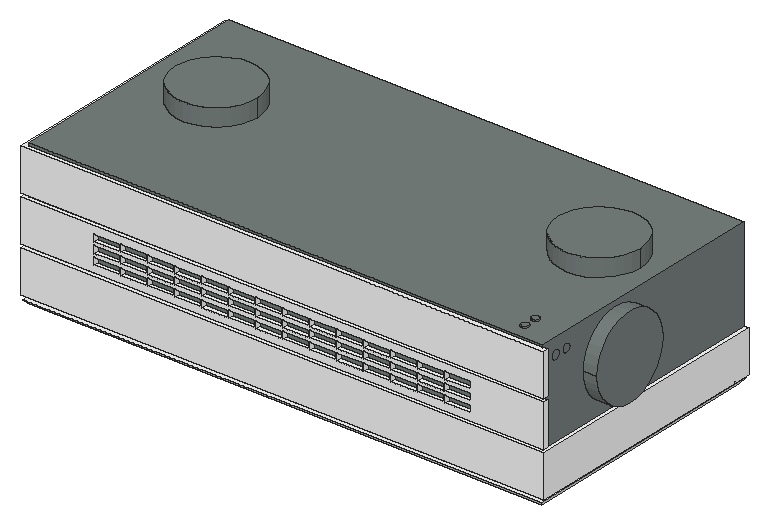
Revit family "AM 500 VCDE", category Mechanical Equipment, Revit 2019
Family settings
  Round Connector Dimension = Use Diameter
  Part Type = Normal
  OmniClass Number = 23.75.00.00
  OmniClass Title = Climate Control (HVAC)
  Work Plane-Based = No
  Always vertical = Yes
  Cut with Voids When Loaded = No
  Shared = No
  Room Calculation Point = No
Parameters
  Weight (Standard Unit) = 108  # constant formula
  Water Heater Surface Return = 10 mm  # constant formula
  Water Heater Surface IN = 10 mm  # constant formula
  URL = "www.airmaster-as.com"
  Total Width = 1600 mm  # constant formula
  Total Hight = 439 mm  # constant formula
  Top Panel [instance] = yes
  T-C Extraction = 139 mm  # constant formula
  R-C Duct Supply = 192 mm  # constant formula
  Middle panel [instance] = yes
  L-C Duct Exhaust = 238 mm  # constant formula
  Suply Air In = 250 mm  # constant formula
  Duct Extraction = 250 mm  # constant formula
  B-C Duct Supply = 328 mm  # constant formula
  Phase 1 - Max Power Consumption = "1762 W"
  Phase 1 - Max Current = "8,1 A"
  Nominal current, electrical preheating surface = "4,4 A"
  Nominal current, electrical comfort heating surface = "2,6 A"
  Nominal current, air handling unit = "1,1 A"
  Network Conection = "AWG 24 CAT 5e STP"
  Model = "AM 500 VCDE"
  Max. flow rate 35 dB(A) with ePM10 80% filters = 440.00 m³  # constant formula
  Max. flow rate 35 dB(A) with ePM10 55% filters = 495.00 m³  # constant formula
  Max. flow rate 35 dB(A) with ePM10 50% filters = 550.00 m³  # constant formula
  Max. flow rate 30 dB(A) with ePM10 80% filters = 344.00 m³  # constant formula
  Max. flow rate 30 dB(A) with ePM10 55% filters = 387.00 m³  # constant formula
  Max. flow rate 30 dB(A) with ePM10 50% filters = 430.00 m³  # constant formula
  Manufacturer = "Airmaster A/S"
  Maintenance [instance] = no
  B-C Duct Exhaust = 328 mm  # constant formula
  Exhaust Air = 250 mm  # constant formula
  Total Depth = 779 mm  # constant formula
  Electrical connection = "1 ~ 230 V / N / PE / 50 Hz"
  Drawn By = "LSB"
  Condensate = 9 mm  # constant formula
  BMS Panel = "(PTS) 2x2x0,6"
  BMS Out = "(PTS) 2x2x0,6"
  BMS IN = "(PTS) 2x0,6"
  B-C Extraction = 489 mm  # constant formula
  Airlow area [instance] = no
Reference planes
  plane 1 "Center (Front/Back)": y = 0
  plane 2: z = 0
  plane 3 "Center (Left/Right)": x = 0
  plane 4 "Center L/S": y = -779
  plane 5 "Center L/T": x = -800
  plane 6 "Center L/U": x = 800
  plane 7 "TOP": z = 439
  plane 8 "Center L/V": x = -785
  plane 9 "Center L/W": y = -764
  plane 10 "Center L/X": x = 785
  plane 11 "Panel Buttom": z = 24.45
  plane 12 "Panel Top": z = 153.45
  plane 13 "Hatch": z = 14.5
  plane 14 "Center L/Z": z = 163.4
  plane 15 "Center L/AA": z = 292.4
  plane 16 "Center L/BB": z = 302.35
  plane 17 "Center L/CC": z = 431.35
Forms (mm)
  Extrusion 1, solid, material "AM Grey"
    sketch origin (0, 0, 0) x (1, 0, 0) y (0, 1, 0)
      loop
        line (-785, 0) -> (-785, -764) -> (785, -764) -> (785, 0) -> (-785, 0)
    from 14.5 to 439
  Extrusion 2, solid, material "AM White"
    sketch origin (794.5, -1524, 24.45) x (0, -1, 0) y (-1, 0, 0)
      loop
        line (-1524, 1594.5) -> (-1524, 1579.5) -> (-760, 1579.5) -> (-760, 9.5) -> (-1524, 9.5) -> (-1524, -5.5) -> (-745, -5.5) -> (-745, 1594.5) -> (-1524, 1594.5)
    from 0 to -129
  Blend 3, solid, material "AM White"
    base sketch origin (-790.646, -1524, 14.5) x (0, -1, 0) y (1, 0, 0)
      loop
        line (-745, -2.387) -> (-745, 1583.657) -> (-1524, 1583.657) -> (-1524, -2.387) -> (-745, -2.387)
    top sketch origin (-790.646, -1524, 14.5) x (0, -1, 0) y (1, 0, 0)
      loop
        line (-760, 8.963) -> (-760, 1572.646) -> (-1509.161, 1572.646) -> (-1509.161, 8.963) -> (-760, 8.963)
    from 0 to -14.5
  Extrusion 4, void
    sketch origin (1480.036, -779, 163.4) x (1, 0, 0) y (0, 0, -1)
      loop
        line (-2055.036, -85.5) -> (-2055.036, -107.5) -> (-1977.536, -107.5) -> (-1977.536, -85.5) -> (-2055.036, -85.5)
      loop
        line (-2055.036, -53.5) -> (-2055.036, -75.5) -> (-1977.536, -75.5) -> (-1977.536, -53.5) -> (-2055.036, -53.5)
      loop
        line (-2055.036, -21.5) -> (-2055.036, -43.5) -> (-1977.536, -43.5) -> (-1977.536, -21.5) -> (-2055.036, -21.5)
      loop
        line (-1972.536, -85.5) -> (-1972.536, -107.5) -> (-1895.036, -107.5) -> (-1895.036, -85.5) -> (-1972.536, -85.5)
      loop
        line (-1972.536, -53.5) -> (-1972.536, -75.5) -> (-1895.036, -75.5) -> (-1895.036, -53.5) -> (-1972.536, -53.5)
      loop
        line (-1972.536, -21.5) -> (-1972.536, -43.5) -> (-1895.036, -43.5) -> (-1895.036, -21.5) -> (-1972.536, -21.5)
      loop
        line (-1890.036, -85.5) -> (-1890.036, -107.5) -> (-1812.536, -107.5) -> (-1812.536, -85.5) -> (-1890.036, -85.5)
      loop
        line (-1890.036, -53.5) -> (-1890.036, -75.5) -> (-1812.536, -75.5) -> (-1812.536, -53.5) -> (-1890.036, -53.5)
      loop
        line (-1890.036, -21.5) -> (-1890.036, -43.5) -> (-1812.536, -43.5) -> (-1812.536, -21.5) -> (-1890.036, -21.5)
      loop
        line (-1807.536, -85.5) -> (-1807.536, -107.5) -> (-1730.036, -107.5) -> (-1730.036, -85.5) -> (-1807.536, -85.5)
      loop
        line (-1807.536, -53.5) -> (-1807.536, -75.5) -> (-1730.036, -75.5) -> (-1730.036, -53.5) -> (-1807.536, -53.5)
      loop
        line (-1807.536, -21.5) -> (-1807.536, -43.5) -> (-1730.036, -43.5) -> (-1730.036, -21.5) -> (-1807.536, -21.5)
      loop
        line (-1725.036, -85.5) -> (-1725.036, -107.5) -> (-1647.536, -107.5) -> (-1647.536, -85.5) -> (-1725.036, -85.5)
      loop
        line (-1725.036, -53.5) -> (-1725.036, -75.5) -> (-1647.536, -75.5) -> (-1647.536, -53.5) -> (-1725.036, -53.5)
      loop
        line (-1725.036, -21.5) -> (-1725.036, -43.5) -> (-1647.536, -43.5) -> (-1647.536, -21.5) -> (-1725.036, -21.5)
      loop
        line (-1642.536, -85.5) -> (-1642.536, -107.5) -> (-1565.036, -107.5) -> (-1565.036, -85.5) -> (-1642.536, -85.5)
      loop
        line (-1642.536, -53.5) -> (-1642.536, -75.5) -> (-1565.036, -75.5) -> (-1565.036, -53.5) -> (-1642.536, -53.5)
      loop
        line (-1642.536, -21.5) -> (-1642.536, -43.5) -> (-1565.036, -43.5) -> (-1565.036, -21.5) -> (-1642.536, -21.5)
      loop
        line (-1560.036, -85.5) -> (-1560.036, -107.5) -> (-1482.536, -107.5) -> (-1482.536, -85.5) -> (-1560.036, -85.5)
      loop
        line (-1560.036, -53.5) -> (-1560.036, -75.5) -> (-1482.536, -75.5) -> (-1482.536, -53.5) -> (-1560.036, -53.5)
      loop
        line (-1560.036, -21.5) -> (-1560.036, -43.5) -> (-1482.536, -43.5) -> (-1482.536, -21.5) -> (-1560.036, -21.5)
      loop
        line (-1477.536, -85.5) -> (-1477.536, -107.5) -> (-1400.036, -107.5) -> (-1400.036, -85.5) -> (-1477.536, -85.5)
      loop
        line (-1477.536, -53.5) -> (-1477.536, -75.5) -> (-1400.036, -75.5) -> (-1400.036, -53.5) -> (-1477.536, -53.5)
      loop
        line (-1477.536, -21.5) -> (-1477.536, -43.5) -> (-1400.036, -43.5) -> (-1400.036, -21.5) -> (-1477.536, -21.5)
      loop
        line (-1395.036, -85.5) -> (-1395.036, -107.5) -> (-1317.536, -107.5) -> (-1317.536, -85.5) -> (-1395.036, -85.5)
      loop
        line (-1395.036, -53.5) -> (-1395.036, -75.5) -> (-1317.536, -75.5) -> (-1317.536, -53.5) -> (-1395.036, -53.5)
      loop
        line (-1395.036, -21.5) -> (-1395.036, -43.5) -> (-1317.536, -43.5) -> (-1317.536, -21.5) -> (-1395.036, -21.5)
      loop
        line (-1312.536, -85.5) -> (-1312.536, -107.5) -> (-1235.036, -107.5) -> (-1235.036, -85.5) -> (-1312.536, -85.5)
      loop
        line (-1312.536, -53.5) -> (-1312.536, -75.5) -> (-1235.036, -75.5) -> (-1235.036, -53.5) -> (-1312.536, -53.5)
      loop
        line (-1312.536, -21.5) -> (-1312.536, -43.5) -> (-1235.036, -43.5) -> (-1235.036, -21.5) -> (-1312.536, -21.5)
      loop
        line (-1230.036, -85.5) -> (-1230.036, -107.5) -> (-1152.536, -107.5) -> (-1152.536, -85.5) -> (-1230.036, -85.5)
      loop
        line (-1230.036, -53.5) -> (-1230.036, -75.5) -> (-1152.536, -75.5) -> (-1152.536, -53.5) -> (-1230.036, -53.5)
      loop
        line (-1230.036, -21.5) -> (-1230.036, -43.5) -> (-1152.536, -43.5) -> (-1152.536, -21.5) -> (-1230.036, -21.5)
      loop
        line (-1147.536, -85.5) -> (-1147.536, -107.5) -> (-1070.036, -107.5) -> (-1070.036, -85.5) -> (-1147.536, -85.5)
      loop
        line (-1147.536, -53.5) -> (-1147.536, -75.5) -> (-1070.036, -75.5) -> (-1070.036, -53.5) -> (-1147.536, -53.5)
      loop
        line (-1147.536, -21.5) -> (-1147.536, -43.5) -> (-1070.036, -43.5) -> (-1070.036, -21.5) -> (-1147.536, -21.5)
      loop
        line (-1065.036, -85.5) -> (-1065.036, -107.5) -> (-987.536, -107.5) -> (-987.536, -85.5) -> (-1065.036, -85.5)
      loop
        line (-1065.036, -53.5) -> (-1065.036, -75.5) -> (-987.536, -75.5) -> (-987.536, -53.5) -> (-1065.036, -53.5)
      loop
        line (-1065.036, -21.5) -> (-1065.036, -43.5) -> (-987.536, -43.5) -> (-987.536, -21.5) -> (-1065.036, -21.5)
      loop
        line (-982.536, -85.5) -> (-982.536, -107.5) -> (-905.036, -107.5) -> (-905.036, -85.5) -> (-982.536, -85.5)
      loop
        line (-982.536, -53.5) -> (-982.536, -75.5) -> (-905.036, -75.5) -> (-905.036, -53.5) -> (-982.536, -53.5)
      loop
        line (-982.536, -21.5) -> (-982.536, -43.5) -> (-905.036, -43.5) -> (-905.036, -21.5) -> (-982.536, -21.5)
    from 0 to 15
  Extrusion 5, solid, material "AM Grey"
    sketch origin (-785, -20, 0) x (0, 1, 0) y (0, 0, -1)
      loop
        arc (-34.231, -35.823) -> (-20.604, -46.468) -> (-15.509, -29.944) r 10.5
        arc (-15.509, -29.944) -> (-26.896, -26.432) -> (-34.231, -35.823) r 10.5
    from 0 to 14.9
  Extrusion 6, solid, material "AM Grey"
    sketch origin (785, 0, 0) x (0, -1, 0) y (0, 0, -1)
      loop
        circle (48.75, -36.414) r 8
    from 0 to 14.9
  Extrusion 7, solid, material "AM Grey"
    sketch origin (785, 0, 0) x (0, -1, 0) y (0, 0, -1)
      loop
        circle (48.75, -60.414) r 5.5
    from 0 to 14.9
  Extrusion 8, solid, material "AM Grey"
    sketch origin (785, 0, 0) x (0, -1, 0) y (0, 0, -1)
      loop
        arc (52.21, -82.945) -> (49.124, -78.934) -> (45.257, -82.197) r 3.5
        arc (45.257, -82.197) -> (48.376, -85.894) -> (52.21, -82.945) r 3.5
    from 0 to 14.9
  Extrusion 9, solid, material "AM Grey"
    sketch origin (785, 0, 0) x (0, -1, 0) y (0, 0, -1)
      loop
        arc (52.21, -104.867) -> (49.124, -100.856) -> (45.257, -104.119) r 3.5
        arc (45.257, -104.119) -> (48.376, -107.816) -> (52.21, -104.867) r 3.5
    from 0 to 14.9
  Extrusion 10, solid, material "AM Grey"
    sketch origin (785, 0, 0) x (0, -1, 0) y (0, 0, -1)
      loop
        arc (666.553, -391.641) -> (678.119, -403.614) -> (689.95, -391.903) r 11.7
        arc (689.95, -391.903) -> (678.381, -380.215) -> (666.553, -391.641) r 11.7
    from 0 to 2
  Extrusion 11, solid, material "AM Grey"
    sketch origin (785, 0, 0) x (0, -1, 0) y (0, 0, -1)
      loop
        arc (707.323, -393.239) -> (721.418, -403.717) -> (730.869, -388.914) r 12
        arc (730.869, -388.914) -> (717.082, -380.112) -> (707.323, -393.239) r 12
    from 0 to 2
  Extrusion 12, solid, material "AM Grey"
    sketch origin (-2194.69, 0, 0) x (1, 0, 0) y (0, 0, -1)
      loop
        arc (1478.835, -24) -> (1493.457, -45.482) -> (1480.281, -23.084) r 13
        line (1480.281, -23.084) -> (1478.835, -24)
    from 0 to 2
  Extrusion 13, solid, material "AM Grey"
    sketch origin (0, 0, 439) x (1, 0, 0) y (0, 1, 0)
      loop
        arc (693.662, -689.53) -> (693, -667.55) -> (692.338, -689.53) r 11
        line (692.338, -689.53) -> (693.662, -689.53)
    from 0 to 2
  Extrusion 14, solid, material "AM Grey"
    sketch origin (0, 0, 439) x (1, 0, 0) y (0, 1, 0)
      loop
        arc (693.662, -730.28) -> (693, -708.3) -> (692.338, -730.28) r 11
        line (692.338, -730.28) -> (693.662, -730.28)
    from 0 to 2
  Extrusion 15, solid, material "Maintenece", visible <- "Maintenance"
    sketch origin (-790.646, -1524, 0) x (1, 0, 0) y (0, -1, 0)
      loop
        line (-9.354, -1524) -> (1590.646, -1524) -> (1590.646, -745) -> (-9.354, -745) -> (-9.354, -1524)
    from 0 to 1200
  Extrusion 16, solid, material "AM Grey"
    sketch origin (0, 0, 439) x (1, 0, 0) y (0, 1, 0)
      loop
        circle (-562, -328) r 125
    from 0 to 53
  Extrusion 17, solid, material "AM Grey"
    sketch origin (1170, 0, 439) x (1, 0, 0) y (0, 1, 0)
      loop
        circle (-562, -328) r 125
    from 0 to 53
  Extrusion 18, solid, material "AM Grey"
    sketch origin (785, 0, 0) x (0, -1, 0) y (0, 0, -1)
      loop
        circle (489, -300) r 125
    from 0 to 45
  Extrusion 19, solid, material "AM White", visible <- "Middle panel"
    sketch origin (794.5, -1524, 163.4) x (0, -1, 0) y (-1, 0, 0)
      loop
        line (-1524, 1594.5) -> (-1524, 1579.5) -> (-760, 1579.5) -> (-760, 9.5) -> (-760, -5.5) -> (-745, -5.5) -> (-745, 1594.5) -> (-1524, 1594.5)
    from 0 to -129
  Extrusion 20, solid, material "AM White", visible <- "Top Panel"
    sketch origin (794.5, -1524, 302.35) x (0, -1, 0) y (-1, 0, 0)
      loop
        line (-1524, 1594.5) -> (-1524, 1579.5) -> (-760, 1579.5) -> (-760, 9.5) -> (-760, -5.5) -> (-745, -5.5) -> (-745, 1594.5) -> (-1524, 1594.5)
    from 0 to -129
Cuts and joins
  Extrusion 4 cuts Extrusion 1
  Extrusion 4 cuts Extrusion 2
  Extrusion 4 cuts Extrusion 19
Dimensions and locks
  "Total Depth": plane 4 "Center L/S" to plane 1 "Center (Front/Back)"
  equal spacing: plane 5 "Center L/T", plane 3 "Center (Left/Right)", plane 6 "Center L/U"
  "Total Width": plane 5 "Center L/T" to plane 6 "Center L/U"
  "Total Hight": plane 7 "TOP" to level
  locked: plane 10 "Center L/X" to plane 6 "Center L/U" at 15
  locked: plane 4 "Center L/S" to plane 9 "Center L/W" at 15
  locked: plane 5 "Center L/T" to plane 8 "Center L/V" at 15
  Extrusion 1 to Blend 3 sketch curve = 14.839 mm
  nested 2 to cut or joined group of Extrusion 2, Extrusion 4 = 550 mm
  "L-C Duct Exhaust": plane 5 "Center L/T" to Extrusion 16 sketch curve
  "B-C Duct Exhaust": Extrusion 16 sketch curve to plane 1 "Center (Front/Back)"
  "B-C Duct Supply": Extrusion 17 sketch curve to plane 1 "Center (Front/Back)"
  "R-C Duct Supply": Extrusion 17 sketch curve to plane 6 "Center L/U"
  "T-C Extraction": plane 7 "TOP" to Extrusion 18 sketch curve
  "B-C Extraction": Extrusion 18 sketch curve to plane 1 "Center (Front/Back)"
  aligned and locked: level to plane 2
  aligned and locked: plane 1 "Center (Front/Back)" to Extrusion 1 sketch curve
  aligned and locked: Extrusion 1 sketch curve to plane 8 "Center L/V"
  aligned and locked: Extrusion 1 sketch curve to plane 9 "Center L/W"
  aligned and locked: Extrusion 1 sketch curve to plane 10 "Center L/X"
  aligned and locked: plane 7 "TOP" to Extrusion 1
  aligned and locked: plane 5 "Center L/T" to Extrusion 2 sketch curve
  aligned and locked: plane 4 "Center L/S" to Extrusion 2 sketch curve
  aligned and locked: plane 6 "Center L/U" to Extrusion 2 sketch curve
  aligned and locked: Extrusion 2 sketch curve to Extrusion 1  (x3)
  aligned and locked: plane 1 "Center (Front/Back)" to Extrusion 2 sketch curve
  aligned and locked: Extrusion 2 to plane 12 "Panel Top"
  aligned and locked: Blend 3 to plane 2
  aligned and locked: plane 13 "Hatch" to Extrusion 1
  aligned and locked: Extrusion 15 sketch curve to cut or joined group of Extrusion 2, Extrusion 4  (x4)
Automatic sketch dimensions
  plane 1 "Center (Front/Back)" to Extrusion 2 sketch curve = 0 mm
  plane 1 "Center (Front/Back)" to Blend 3 sketch curve = 0 mm
  plane 4 "Center L/S" to Blend 3 sketch curve = 0 mm
  plane 5 "Center L/T" to Blend 3 sketch curve = 6.967 mm
  Blend 3 sketch curve to plane 6 "Center L/U" = 6.989 mm
  plane 9 "Center L/W" to Blend 3 sketch curve = 0 mm
  plane 8 "Center L/V" to Blend 3 sketch curve = 3.316 mm
  Blend 3 sketch curve to plane 10 "Center L/X" = 3 mm
  Extrusion 2 to Extrusion 4 sketch curve = 95.45 mm  (x4)
  Extrusion 4 sketch curve to Extrusion 2 = 225 mm
  Extrusion 4 sketch curve to Extrusion 4 sketch curve = 0 mm  (x87)
  Extrusion 4 sketch curve to Extrusion 4 sketch curve = 77.5 mm  (x14)
  Extrusion 4 sketch curve to Extrusion 4 sketch curve = 5 mm  (x39)
  Extrusion 2 to Extrusion 4 sketch curve = 117.45 mm  (x3)
  Extrusion 4 sketch curve to Extrusion 4 sketch curve = 10 mm  (x12)
  Extrusion 4 sketch curve to Extrusion 4 sketch curve = 22 mm  (x4)
  Extrusion 4 sketch curve to Extrusion 2 = 160.45 mm  (x4)
  Extrusion 5 sketch curve to Extrusion 5 sketch curve = 0 mm  (x2)
  Extrusion 1 to Extrusion 5 sketch curve = 43.75 mm
  Extrusion 1 to Extrusion 5 sketch curve = 21.95 mm
  Extrusion 5 sketch curve to Extrusion 5 sketch curve = 10.481 mm
  Extrusion 5 sketch curve to Extrusion 5 sketch curve = 8.241 mm
  Extrusion 5 sketch curve to Extrusion 5 sketch curve = 0.627 mm
  Extrusion 1 to Extrusion 6 sketch curve = 21.914 mm
  Extrusion 1 to Extrusion 6 sketch curve = 48.75 mm
  Extrusion 1 to Extrusion 7 sketch curve = 48.75 mm
  Extrusion 1 to Extrusion 7 sketch curve = 45.914 mm
  Extrusion 8 sketch curve to Extrusion 8 sketch curve = 0 mm  (x2)
  Extrusion 1 to Extrusion 8 sketch curve = 48.75 mm
  Extrusion 1 to Extrusion 8 sketch curve = 67.914 mm
  Extrusion 8 sketch curve to Extrusion 8 sketch curve = 3.493 mm
  Extrusion 8 sketch curve to Extrusion 8 sketch curve = 3.46 mm
  Extrusion 8 sketch curve to Extrusion 8 sketch curve = 0.531 mm
  Extrusion 9 sketch curve to Extrusion 9 sketch curve = 0 mm  (x2)
  Extrusion 1 to Extrusion 9 sketch curve = 48.75 mm
  Extrusion 1 to Extrusion 9 sketch curve = 89.836 mm
  Extrusion 9 sketch curve to Extrusion 9 sketch curve = 3.493 mm
  Extrusion 9 sketch curve to Extrusion 9 sketch curve = 3.46 mm
  Extrusion 9 sketch curve to Extrusion 9 sketch curve = 0.531 mm
  Extrusion 10 sketch curve to Extrusion 10 sketch curve = 0 mm  (x2)
  Extrusion 1 to Extrusion 10 sketch curve = 85.75 mm
  Extrusion 1 to Extrusion 10 sketch curve = 47.086 mm
  Extrusion 10 sketch curve to Extrusion 10 sketch curve = 11.697 mm
  Extrusion 10 sketch curve to Extrusion 10 sketch curve = 11.7 mm
  Extrusion 10 sketch curve to Extrusion 10 sketch curve = 0.011 mm
  Extrusion 11 sketch curve to Extrusion 11 sketch curve = 0 mm  (x2)
  Extrusion 1 to Extrusion 11 sketch curve = 44.75 mm
  Extrusion 1 to Extrusion 11 sketch curve = 47.086 mm
  Extrusion 11 sketch curve to Extrusion 11 sketch curve = 11.927 mm
  Extrusion 11 sketch curve to Extrusion 11 sketch curve = 11.619 mm
  Extrusion 11 sketch curve to Extrusion 11 sketch curve = 1.325 mm
  Extrusion 1 to Extrusion 12 sketch curve = 9.5 mm
  Extrusion 12 sketch curve to Extrusion 1 = 69.145 mm
  Extrusion 1 to Extrusion 12 sketch curve = 8.584 mm
  Extrusion 12 sketch curve to Extrusion 12 sketch curve = 1.446 mm
  Extrusion 12 sketch curve to Extrusion 12 sketch curve = 6.219 mm
  Extrusion 13 sketch curve to Extrusion 1 = 92.662 mm
  Extrusion 13 sketch curve to Extrusion 13 sketch curve = 0.662 mm
  Extrusion 13 sketch curve to Extrusion 1 = 74.47 mm
  Extrusion 13 sketch curve to Extrusion 13 sketch curve = 10.98 mm
  Extrusion 14 sketch curve to Extrusion 1 = 92.662 mm
  Extrusion 14 sketch curve to Extrusion 14 sketch curve = 0.662 mm
  Extrusion 14 sketch curve to Extrusion 1 = 33.72 mm
  Extrusion 14 sketch curve to Extrusion 14 sketch curve = 10.98 mm
  plane 1 "Center (Front/Back)" to Extrusion 19 sketch curve = 0 mm
  plane 1 "Center (Front/Back)" to Extrusion 19 sketch curve = 764 mm
  Extrusion 19 sketch curve to plane 8 "Center L/V" = 0 mm
  Extrusion 19 sketch curve to plane 9 "Center L/W" = 0 mm
  plane 4 "Center L/S" to Extrusion 19 sketch curve = 0 mm
  Extrusion 19 sketch curve to plane 5 "Center L/T" = 0 mm
  Extrusion 19 sketch curve to plane 10 "Center L/X" = 0 mm  (x2)
  Extrusion 19 sketch curve to plane 6 "Center L/U" = 0 mm
  plane 1 "Center (Front/Back)" to Extrusion 20 sketch curve = 0 mm
  plane 1 "Center (Front/Back)" to Extrusion 20 sketch curve = 764 mm
  Extrusion 20 sketch curve to plane 8 "Center L/V" = 0 mm
  Extrusion 20 sketch curve to plane 9 "Center L/W" = 0 mm
  plane 4 "Center L/S" to Extrusion 20 sketch curve = 0 mm
  Extrusion 20 sketch curve to plane 5 "Center L/T" = 0 mm
  Extrusion 20 sketch curve to plane 10 "Center L/X" = 0 mm  (x2)
  Extrusion 20 sketch curve to plane 6 "Center L/U" = 0 mm
  radius of Extrusion 6 sketch curve = 8 mm
  radius of Extrusion 7 sketch curve = 5.5 mm
  radius of Extrusion 16 sketch curve = 125 mm
  radius of Extrusion 17 sketch curve = 125 mm
  radius of Extrusion 18 sketch curve = 125 mm
Nested families
  nested 1: "Model Label 2019" at (0, -541.924, 0), Label <- "Model", type "Model Label 2019"
    with Label "AM 500 VCDE"
  nested 2: "indblæssymbol" at (11.742, -879, 0) x (0, -1, 0) z (0, 0, 1), type "indblæssymbol"
    with dX_ 609 mm, dX 609 mm, ang2D 0.00°
Connectors
  piping at (-799.9, -44.87, 32.883), diameter 9, driven by "Condensate"
    settings: on Extrusion 5, index 1, connector inside diameter 609.6 mm, connector length 0 mm, flow factor 0, pipe flow 0.0 L/s, pressure drop 0.0 Pa, fitting loss kfactor 0, connector angle 0.00°, fixture units 0, engagement length 0 mm, angle of deflection 0.00°, flow configuration 0, flow direction 0, fitting loss method 0, system type 16, joint type 0, gender type 0, connector reference index -1, connector utility 0, adjustable connector no, is connector primary yes, connector description ""
  electrical at (799.9, -48.75, 36.414), driven by "Electrical connection"
    settings: on Extrusion 6, index 2, voltage 230 V, apparent load 0 VA, apparent load phase1 0 VA, apparent load phase2 0 VA, apparent load phase3 0 VA, power factor 0.58, load classification "Other", number of poles 1, system type 30, power factor state 1, is connector primary yes, connector utility no, sub classification motor no, connector description "1 ~ 230 V / N / PE / 50 Hz"
  electrical at (799.9, -48.75, 60.414), driven by "Network Conection"
    settings: on Extrusion 7, index 3, voltage 0 V, apparent load 0 VA, apparent load phase1 0 VA, apparent load phase2 0 VA, apparent load phase3 0 VA, power factor 1, load classification "Other", number of poles 1, system type 5, power factor state 1, is connector primary no, connector utility no, sub classification motor no, connector description "AWG 24 CAT 5e STP"
  electrical at (799.9, -48.733, 82.571), driven by "BMS IN"
    settings: on Extrusion 8, index 4, voltage 0 V, apparent load 0 VA, apparent load phase1 0 VA, apparent load phase2 0 VA, apparent load phase3 0 VA, power factor 1, load classification "Other", number of poles 1, system type 5, power factor state 1, is connector primary no, connector utility no, sub classification motor no, connector description "(PTS) 2x0,6"
  electrical at (799.9, -48.733, 104.493), driven by "BMS Out"
    settings: on Extrusion 9, index 5, voltage 0 V, apparent load 0 VA, apparent load phase1 0 VA, apparent load phase2 0 VA, apparent load phase3 0 VA, power factor 1, load classification "Other", number of poles 1, system type 5, power factor state 1, is connector primary no, connector utility no, sub classification motor no, connector description "(PTS) 2x2x0,6"
  piping at (787, -719.096, 391.076), diameter 10, driven by "Water Heater Surface IN"
    settings: on Extrusion 11, index 6, connector inside diameter 609.6 mm, connector length 0 mm, flow factor 0, pipe flow 0.0 L/s, pressure drop 0.0 Pa, fitting loss kfactor 0, connector angle 0.00°, fixture units 0, engagement length 0 mm, angle of deflection 0.00°, flow configuration 0, flow direction 1, fitting loss method 0, system type 7, joint type 0, gender type 0, connector reference index -1, connector utility 0, adjustable connector no, is connector primary no, connector description ""
  piping at (787, -678.252, 391.772), diameter 10, driven by "Water Heater Surface Return"
    settings: on Extrusion 10, index 7, connector inside diameter 609.6 mm, connector length 0 mm, flow factor 0, pipe flow 0.0 L/s, pressure drop 0.0 Pa, fitting loss kfactor 0, connector angle 0.00°, fixture units 0, engagement length 0 mm, angle of deflection 0.00°, flow configuration 0, flow direction 2, fitting loss method 0, system type 8, joint type 0, gender type 0, connector reference index -1, connector utility 0, adjustable connector no, is connector primary no, connector description ""
  piping at (-715.132, 2, 23.542), diameter 9, driven by "Condensate"
    settings: on Extrusion 12, index 8, connector inside diameter 609.6 mm, connector length 0 mm, flow factor 0, pipe flow 0.0 L/s, pressure drop 0.0 Pa, fitting loss kfactor 0, connector angle 0.00°, fixture units 0, engagement length 0 mm, angle of deflection 0.00°, flow configuration 0, flow direction 0, fitting loss method 0, system type 16, joint type 0, gender type 0, connector reference index -1, connector utility 0, adjustable connector no, is connector primary no, connector description "9"
  piping at (693, -730.28, 441), diameter 10, driven by "Water Heater Surface IN"
    settings: on Extrusion 14, index 11, connector inside diameter 609.6 mm, connector length 0 mm, flow factor 0, pipe flow 0.0 L/s, pressure drop 0.0 Pa, fitting loss kfactor 0, connector angle 0.00°, fixture units 0, engagement length 0 mm, angle of deflection 0.00°, flow configuration 0, flow direction 0, fitting loss method 0, system type 19, joint type 0, gender type 0, connector reference index -1, connector utility 0, adjustable connector no, is connector primary no, connector description ""
  piping at (693, -689.53, 441), diameter 10, driven by "Water Heater Surface Return"
    settings: on Extrusion 13, index 12, connector inside diameter 609.6 mm, connector length 0 mm, flow factor 0, pipe flow 0.0 L/s, pressure drop 0.0 Pa, fitting loss kfactor 0, connector angle 0.00°, fixture units 0, engagement length 0 mm, angle of deflection 0.00°, flow configuration 0, flow direction 0, fitting loss method 0, system type 19, joint type 0, gender type 0, connector reference index -1, connector utility 0, adjustable connector no, is connector primary no, connector description ""
  hvac at (608, -328, 439), driven by "Suply Air In"
    settings: on Extrusion 17, index 16, duct flow 0.0 L/s, flow factor 0, pres drop 0.0 Pa, loss coef 0, conn angle 0.00°, conn width 304.8 mm, conn height 304.8 mm, conn diameter 250 mm, duct sys type 1, conn prof type 0, flow config 0, flow direction 1, loss method 0, conn ref index -1, conn util no, is conn primary yes, conn desc ""
  hvac at (-562, -328, 439), driven by "Exhaust Air"
    settings: on Extrusion 16, index 17, duct flow 0.0 L/s, flow factor 0, pres drop 0.0 Pa, loss coef 0, conn angle 0.00°, conn width 304.8 mm, conn height 304.8 mm, conn diameter 250 mm, duct sys type 3, conn prof type 0, flow config 0, flow direction 2, loss method 0, conn ref index -1, conn util no, is conn primary no, conn desc ""
  hvac at (785, -489, 300), driven by "Duct Extraction"
    settings: on Extrusion 18, index 18, duct flow 0.0 L/s, flow factor 0, pres drop 0.0 Pa, loss coef 0, conn angle 0.00°, conn width 304.8 mm, conn height 304.8 mm, conn diameter 250 mm, duct sys type 2, conn prof type 0, flow config 0, flow direction 1, loss method 0, conn ref index -1, conn util no, is conn primary no, conn desc ""
Definition of nested family "Model Label 2019"
  Parameters (values of type "Model Label 2019")
    Label [instance] = ""
  Reference planes
    plane 1: y = 0
    plane 2: x = 0
  Text (mm)
    label "Label" at (-0.131, 0.049, 0), shows "Label"
Definition of nested family "indblæssymbol"
  Parameters (values of type "indblæssymbol")
    dX_ [instance] = if(dX = 0 mm, 1 mm, dX)  # 609 mm
    dX [instance] = 609 mm
    ang2D [instance] = 0.00°
    Type Comments = "DO NOT CHANGE dX value from 608 mm ( 2 ft )"
    Afstand pil = 50 mm
  Reference planes
    plane 1 "Center (Front/Back)": y = 0
    plane 2: z = 0
    plane 3 "Center (Left/Right)": x = 0
  Lines and regions (mm)
    Filled region 1, type "Concrete", in view "Ref. Level"
      outline origin (50.005, 0, 0) x (1, 0, 0) y (0, 1, 0)
        loop
          line (399.995, 0.414) -> (301.442, 17.365) -> (301.588, -17.365) -> (399.995, 0.414)
    reference lines, in view "Ref. Level"
      curve 1: line (50, 134.129, 0) -> (50, -145.871, 0)
    detail lines, in view "Ref. Level"
      curve 2: line (351.52, 0, 0) -> (50, 0, 0)
  Dimensions and locks
    "Afstand pil": plane 3 "Center (Left/Right)" to curve 1
    curve 1 to Filled region 1 = 400 mm
  Automatic sketch dimensions
    Filled region 1 sketch curve to plane 1 "Center (Front/Back)" = 0.414 mm
    plane 3 "Center (Left/Right)" to Filled region 1 sketch curve = 450 mm
    plane 1 "Center (Front/Back)" to Filled region 1 sketch curve = 17.365 mm
    Filled region 1 sketch curve to Filled region 1 sketch curve = 98.407 mm
    Filled region 1 sketch curve to plane 1 "Center (Front/Back)" = 17.365 mm
    Filled region 1 sketch curve to Filled region 1 sketch curve = 0.146 mm
    plane 1 "Center (Front/Back)" to curve 2 = 0 mm
    plane 3 "Center (Left/Right)" to curve 2 = 50 mm
    curve 2 to curve 2 = 301.52 mm
    plane 1 "Center (Front/Back)" to curve 1 = 145.871 mm
    curve 1 to plane 1 "Center (Front/Back)" = 134.129 mm
